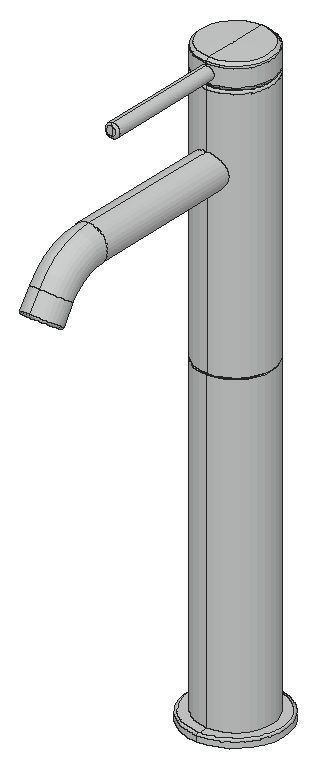
Revit family "Mixer_Basin_Abey_Poco_Hi_FaceBased", category Plumbing Fixtures, host Face, Revit 2019
Family settings
  Host = Face
  Round Connector Dimension = Use Diameter
  Part Type = Normal
  OmniClass Number = 23.31.11.00
  OmniClass Title = Faucets
  Cut with Voids When Loaded = Yes
  Shared = No
  Room Calculation Point = No
Parameters (values of type "6B2")
  Waste Connection = no
  Vent Connection = no
  Uniclass2015Version = "Products v1.28"
  Uniclass2015Title = "Washbasin taps"
  Uniclass2015Code = "Pr_40_20_87_98"
  URL = "https://www.abey.com.au/"
  Type Comments = "Chrome Finish"
  ModifiedIssue = 20230628
  Model = "6B2"
  Material = Metal_Abey_Chrome
  ManufacturerURLProductSpecific = "https://www.abey.com.au/product/bathroom/poco-hi-basin-mixer/"
  ManufacturerSpecCode = Model  # "6B2"
  ManufacturerOverallWidth = 50 mm  # constant formula
  ManufacturerOverallHeight = 317 mm  # constant formula
  ManufacturerOverallDepth = 160 mm  # constant formula
  Manufacturer = "Abey"  # constant formula
  Keynote = ""
  IfcExportType = "FAUCET"
  IfcExportAs = "IfcValve"
  HW Connection = yes
  Description = "Poco - Hi Basin Mixer - Chrome"
  Default Elevation = 0 mm
  CreatedBy = "IGS BIM Solutions"  # constant formula
  CreatedByURL = "https://igsgroup.com.au"
  CW Connection = yes
  Assembly Code = "C1030210"
Reference planes
  plane 1 "Front of Base": y = 36.5
  plane 2 "Bottom": z = 0
  plane 3 "Center (Left/Right)": x = 34.07
  plane 4 "Front": y = -73.5
  plane 5 "Left": x = 9.07
  plane 6 "Right": x = 59.07
  plane 7 "Top": z = 317
  plane 8 "Bottom1": z = -64
  plane 9 "Back": y = 86.5
  plane 10 "Center of Spout": y = 61.5
  plane 11 "Bottom of Knob": z = 304.5
  plane 12 "Center of Outlet": z = 264
Forms (mm)
  Extrusion 1, void
    sketch origin (0, 0, 0) x (1, 0, 0) y (0, 1, 0)
      loop
        circle (34.07, 61.5) r 25
    from 0 to -50
Text (mm)
  text "Disclaimer:\nDue to ongoing product development and manufacturing evolution, product details are subject to change without notice.\nPlease refer to product technical data sheets on the manufacturer's website for the most current product information. Please allow a +/- 5mm manufacturing tolerance for dimensions and set-outs shown in product literature." at (228.866, 127.072, 0), in view "Ref. Level_Instruction"
Dimensions and locks
  "ManufacturerOverallHeight": plane 7 "Top" to plane 2 "Bottom"
  locked: plane 2 "Bottom" to plane 8 "Bottom1" at 64
  "ManufacturerOverallDepth": plane 4 "Front" to plane 9 "Back"
  equal spacing: plane 5 "Left", plane 3 "Center (Left/Right)", plane 6 "Right"
  equal spacing: plane 1 "Front of Base", plane 10 "Center of Spout", plane 9 "Back"
  "ManufacturerOverallWidth": plane 5 "Left" to plane 6 "Right"
  plane 1 "Front of Base" to host face = 50 mm
  locked: plane 7 "Top" to plane 11 "Bottom of Knob" at 12.5
  plane 12 "Center of Outlet" to plane 2 "Bottom" = 264 mm
  aligned and locked: plane 2 "Bottom" to host face
  aligned and locked: level to host face
  aligned and locked: plane 10 "Center of Spout" to Extrusion 1 sketch curve
  aligned and locked: plane 3 "Center (Left/Right)" to Extrusion 1 sketch curve
  aligned and locked: plane 10 "Center of Spout" to nested 1
  aligned and locked: plane 3 "Center (Left/Right)" to nested 1
Automatic sketch dimensions
  host sketch curve to host sketch curve = 50 mm  (x2)
  radius of Extrusion 1 sketch curve = 25 mm
Nested families
  nested 1: "z_PlumFix_Mixer_ABEY_Poco_Hi Basin Mixer" at (-63.951, 152.25, 0), type "6B2"
Connectors
  piping at (24.07, 61.5, -1), diameter 12.7, driven by "HW Connection"
    settings: on nested 1, index 1, connector inside diameter 24", connector length 0 mm, flow factor 0, pipe flow 0.00 L/s, pressure drop 0 kPa, fitting loss kfactor 0, connector angle 0.00°, fixture units 0, engagement length 0 mm, angle of deflection 0.00°, flow configuration 2, flow direction 1, fitting loss method 0, system type 19, joint type 0, gender type 0, connector reference index -1, connector utility 1, adjustable connector no, is connector primary yes, connector description "Hot Water Supply"
  piping at (44.07, 61.5, -1), diameter 12.7, driven by "CW Connection"
    settings: on nested 1, index 2, connector inside diameter 24", connector length 0 mm, flow factor 0, pipe flow 0.00 L/s, pressure drop 0 kPa, fitting loss kfactor 0, connector angle 0.00°, fixture units 0, engagement length 0 mm, angle of deflection 0.00°, flow configuration 2, flow direction 1, fitting loss method 0, system type 20, joint type 0, gender type 0, connector reference index -1, connector utility 1, adjustable connector no, is connector primary no, connector description "Cold Water Supply"
Definition of nested family "z_PlumFix_Mixer_ABEY_Poco_Hi Basin Mixer"
  Parameters (values of type "6B2")
    Waste Connection = no
    WFU = 0
    Vent Connection = no
    URL = ""
    Type Comments = ""
    ModifiedIssue = 0
    Model = ""
    ManufacturerURLProductSpecific = ""
    ManufacturerSpecCode = ""
    ManufacturerOverallWidth = 50 mm  # constant formula
    ManufacturerOverallHeight = 317 mm  # constant formula
    ManufacturerOverallDepth = 160 mm  # constant formula
    Manufacturer = ""
    Keynote = ""
    HWFU = 0
    HW Connection = yes
    Description = ""
    Default Elevation = 0 mm
    CreatedBy = "IGS BIM Solutions"  # constant formula
    CreatedByURL = "https://igsgroup.com.au"
    Cost = 0
    CWFU = 0
    CW Connection = yes
    BodyMaterial = none
    Assembly Code = ""
  Reference planes
    plane 1 "Ref. Level": z = 0
    plane 2 "Center (Left/Right)": x = 98.02
    plane 3 "Back": y = -65.75
    plane 4 "Left": x = 73.02
    plane 5 "Front": y = -225.75
    plane 6 "Right": x = 123.02
    plane 7 "Top": z = 317
    plane 8 "Bottom": z = 0
    plane 9 "Front of Base": y = -115.75
    plane 10 "Center of Spout": y = -90.75
    plane 11 "Center of Outlet": z = 264
    plane 12 "Bottom of Knob": z = 304.5
  Forms (mm)
    Revolve 1, solid, material <- "BodyMaterial"
      sketch origin (98.02, 0, 0) x (0, 1, 0) y (0, 0, 1)
        loop
          line (-90.75, 0) -> (-65.75, 0) -> (-65.75, 3)
          arc (-65.75, 3) -> (-66.043, 3.707) -> (-66.75, 4) r 1
          line (-66.75, 4) -> (-71.75, 4) -> (-71.75, 169) -> (-72.55, 169) -> (-72.55, 169.8) -> (-71.75, 169.8) -> (-71.75, 302.5)
          arc (-71.75, 302.5) -> (-72.043, 303.207) -> (-72.75, 303.5) r 1
          line (-72.75, 303.5) -> (-74, 303.5) -> (-75, 304.5) -> (-90.75, 304.5) -> (-90.75, 169) -> (-90.75, 0)
        axis (-90.75, 304.5) -> (-90.75, 0)
      angle from 0 to 360
    Revolve 2, solid, material <- "BodyMaterial"
      sketch origin (98.02, 0, 0) x (0, 1, 0) y (0, 0, 1)
        loop
          line (-90.75, 304.5) -> (-72.75, 304.5)
          arc (-72.75, 304.5) -> (-72.043, 304.793) -> (-71.75, 305.5) r 1
          line (-71.75, 305.5) -> (-71.75, 314.586)
          arc (-71.75, 314.586) -> (-71.826, 314.968) -> (-72.043, 315.293) r 1
          line (-72.043, 315.293) -> (-73.5, 316.75)
          arc (-73.5, 316.75) -> (-82.124, 316.937) -> (-90.75, 317) r 595.25
          line (-90.75, 317) -> (-90.75, 304.5)
        axis (-90.75, 317) -> (-90.75, 304.5)
      angle from 0 to 360
    Sweep 3, solid, material <- "BodyMaterial"
      path origin (98.02, 107.527, 3950) x (0, 1, 0) y (0, 0, 1)
        loop
          line (-198.685, -3686) -> (-293.822, -3686)
          arc (-293.822, -3686) -> (-307.674, -3689.39) -> (-318.396, -3698.793) r 30
          line (-318.396, -3698.793) -> (-325.277, -3708.62)
      profile origin (98.02, -138.726, 264) x (0, 0, -1) y (1, 0, 0)
        loop
          circle (0, 0) r 9.5
    Sweep 4, void
      path origin (98.02, -217.75, 241.38) x (1, 0, 0) y (0, -0.819152, 0.573576)
        loop
          circle (0, 0) r 9.5
      profile origin (98.02, -209.968, 235.931) x (0, 0.819152, -0.573576) y (0, -0.573576, -0.819152)
        loop
          line (0, 0) -> (-1, 0)
          arc (-1, 0) -> (-0.293, -0.293) -> (0, -1) r 1
          line (0, -1) -> (0, 0)
    Revolve 5, solid, material <- "BodyMaterial"
      sketch origin (98.02, 0, 0) x (0, 1, 0) y (0, 0, 1)
        loop
          line (-90.75, 313.625) -> (-170.75, 313.625)
          arc (-170.75, 313.625) -> (-171.457, 313.332) -> (-171.75, 312.625) r 1
          line (-171.75, 312.625) -> (-171.75, 310.125) -> (-90.75, 310.125) -> (-90.75, 313.625)
        axis (-90.75, 310.125) -> (-171.75, 310.125)
      angle from 0 to 360
    Extrusion 6, solid, material <- "BodyMaterial"
      sketch origin (0, 0, 0) x (-1, 0, 0) y (0, -1, 0)
        loop
          circle (-88.02, 90.75) r 6.35
        loop
          circle (-108.02, 90.75) r 6.35
      from 0 to -1
  Cuts and joins
    Sweep 4 cuts Sweep 3
    joined: Revolve 1, Sweep 3
    joined: Revolve 2, Revolve 5
  Lines and regions (mm)
    Masking region 1
      outline origin (0, 0, 317) x (-1, 0, 0) y (0, -1, 0)
        loop
          spline (-88.52, 217.968) -> (-88.844, 219.982) -> (-89.793, 221.859) -> (-91.303, 223.471) -> (-93.27, 224.707) -> (-95.561, 225.485) -> (-98.02, 225.75) -> (-100.479, 225.485) -> (-102.77, 224.707) -> (-104.738, 223.471) -> (-106.247, 221.859) -> (-107.196, 219.982) -> (-107.52, 217.968)
          line (-107.52, 217.968) -> (-107.52, 113.875)
          arc (-107.52, 113.875) -> (-98.02, 65.75) -> (-88.52, 113.875) r 25
          line (-88.52, 113.875) -> (-88.52, 217.968)
    Masking region 2
      outline origin (123.02, 0, 0) x (0, 1, 0) y (0, 0, 1)
        loop
          line (-90.75, 0) -> (-65.75, 0) -> (-65.75, 3)
          arc (-65.75, 3) -> (-66.043, 3.707) -> (-66.75, 4) r 1
          line (-66.75, 4) -> (-71.75, 4) -> (-71.75, 169) -> (-72.55, 169) -> (-72.55, 169.8) -> (-71.75, 169.8) -> (-71.75, 302.5)
          arc (-71.75, 302.5) -> (-72.043, 303.207) -> (-72.75, 303.5) r 1
          line (-72.75, 303.5) -> (-74, 303.5) -> (-75, 304.5) -> (-72.75, 304.5)
          arc (-72.75, 304.5) -> (-72.043, 304.793) -> (-71.75, 305.5) r 1
          line (-71.75, 305.5) -> (-71.75, 314.586)
          arc (-71.75, 314.586) -> (-71.826, 314.968) -> (-72.043, 315.293) r 1
          line (-72.043, 315.293) -> (-73.5, 316.75)
          arc (-73.5, 316.75) -> (-90.75, 317) -> (-108, 316.75) r 595.25
          line (-108, 316.75) -> (-109.457, 315.293)
          arc (-109.457, 315.293) -> (-109.674, 314.968) -> (-109.75, 314.586) r 1
          line (-109.75, 314.586) -> (-109.75, 313.625) -> (-170.75, 313.625)
          arc (-170.75, 313.625) -> (-171.457, 313.332) -> (-171.75, 312.625) r 1
          line (-171.75, 312.625) -> (-171.75, 307.625)
          arc (-171.75, 307.625) -> (-171.457, 306.918) -> (-170.75, 306.625) r 1
          line (-170.75, 306.625) -> (-109.75, 306.625) -> (-109.75, 305.5)
          arc (-109.75, 305.5) -> (-109.457, 304.793) -> (-108.75, 304.5) r 1
          line (-108.75, 304.5) -> (-106.5, 304.5) -> (-107.5, 303.5) -> (-108.75, 303.5)
          arc (-108.75, 303.5) -> (-109.457, 303.207) -> (-109.75, 302.5) r 1
          line (-109.75, 302.5) -> (-109.75, 273.5) -> (-186.294, 273.5)
          arc (-186.294, 273.5) -> (-204.533, 269.037) -> (-218.651, 256.656) r 39.5
          line (-218.651, 256.656) -> (-224.958, 247.648)
          arc (-224.958, 247.648) -> (-225.124, 246.901) -> (-224.713, 246.255) r 1
          line (-224.713, 246.255) -> (-210.787, 236.505)
          arc (-210.787, 236.505) -> (-210.04, 236.339) -> (-209.394, 236.75) r 1
          line (-209.394, 236.75) -> (-202.938, 245.972)
          arc (-202.938, 245.972) -> (-195.79, 252.24) -> (-186.555, 254.5) r 20
          line (-186.555, 254.5) -> (-109.75, 254.5) -> (-109.75, 169.8) -> (-108.95, 169.8) -> (-108.95, 169) -> (-109.75, 169) -> (-109.75, 4) -> (-114.75, 4)
          arc (-114.75, 4) -> (-115.457, 3.707) -> (-115.75, 3) r 1
          line (-115.75, 3) -> (-115.75, 0) -> (-90.75, 0)
    Masking region 3
      outline origin (0, -225.75, 0) x (-1, 0, 0) y (0, 0, 1)
        loop
          arc (-80.77, 316.75) -> (-98.02, 317) -> (-115.27, 316.75) r 595.25
          line (-115.27, 316.75) -> (-116.727, 315.293)
          arc (-116.727, 315.293) -> (-116.944, 314.968) -> (-117.02, 314.586) r 1
          line (-117.02, 314.586) -> (-117.02, 305.5)
          arc (-117.02, 305.5) -> (-116.727, 304.793) -> (-116.02, 304.5) r 1
          line (-116.02, 304.5) -> (-113.77, 304.5) -> (-114.77, 303.5) -> (-116.02, 303.5)
          arc (-116.02, 303.5) -> (-116.727, 303.207) -> (-117.02, 302.5) r 1
          line (-117.02, 302.5) -> (-117.02, 169.8) -> (-116.22, 169.8) -> (-116.22, 169) -> (-117.02, 169) -> (-117.02, 4) -> (-122.02, 4)
          arc (-122.02, 4) -> (-122.727, 3.707) -> (-123.02, 3) r 1
          line (-123.02, 3) -> (-123.02, 0) -> (-73.02, 0) -> (-73.02, 3)
          arc (-73.02, 3) -> (-73.313, 3.707) -> (-74.02, 4) r 1
          line (-74.02, 4) -> (-79.02, 4) -> (-79.02, 169) -> (-79.82, 169) -> (-79.82, 169.8) -> (-79.02, 169.8) -> (-79.02, 302.5)
          arc (-79.02, 302.5) -> (-79.313, 303.207) -> (-80.02, 303.5) r 1
          line (-80.02, 303.5) -> (-81.27, 303.5) -> (-82.27, 304.5) -> (-80.02, 304.5)
          arc (-80.02, 304.5) -> (-79.313, 304.793) -> (-79.02, 305.5) r 1
          line (-79.02, 305.5) -> (-79.02, 314.586)
          arc (-79.02, 314.586) -> (-79.096, 314.968) -> (-79.313, 315.293) r 1
          line (-79.313, 315.293) -> (-80.77, 316.75)
    symbolic lines, detail levels fine
      curve 1: circle (98.02, -90.75, 317) r 17.25 normal (0, 0, 1)
      curve 11: line (123.02, -107.5, 303.5) -> (123.02, -74, 303.5)
      curve 15: line (123.02, -108, 316.75) -> (123.02, -73.5, 316.75)
      curve 17: line (123.02, -108.95, 169) -> (123.02, -72.55, 169)
      curve 19: line (81.27, -225.75, 303.5) -> (114.77, -225.75, 303.5)
      curve 21: line (79.82, -225.75, 169) -> (116.22, -225.75, 169)
      curve 23: circle (98.02, -225.75, 310.125) r 3.5 normal (0, -1, 0)
      curve 30: spline (98.008, -225.75, 246.32) -> (99.117, -225.75, 246.279) -> (100.207, -225.75, 246.155) -> (101.259, -225.75, 245.952) -> (102.255, -225.75, 245.671) -> (103.179, -225.75, 245.319) -> (104.014, -225.75, 244.901) -> (104.747, -225.75, 244.425) -> (105.364, -225.75, 243.898) -> (105.856, -225.75, 243.33) -> (106.213, -225.75, 242.73) -> (106.43, -225.75, 242.108) -> (106.502, -225.75, 241.476)
      curve 31: spline (106.502, -225.75, 241.476) -> (106.43, -225.75, 240.835) -> (106.213, -225.75, 240.206) -> (105.856, -225.75, 239.598) -> (105.364, -225.75, 239.023) -> (104.747, -225.75, 238.489) -> (104.014, -225.75, 238.006) -> (103.179, -225.75, 237.583) -> (102.255, -225.75, 237.227) -> (101.259, -225.75, 236.943) -> (100.207, -225.75, 236.736) -> (99.117, -225.75, 236.611) -> (98.008, -225.75, 236.569)
      curve 32: spline (98.008, -225.75, 236.569) -> (96.896, -225.75, 236.611) -> (95.803, -225.75, 236.734) -> (94.748, -225.75, 236.938) -> (93.749, -225.75, 237.218) -> (92.823, -225.75, 237.57) -> (91.985, -225.75, 237.988) -> (91.25, -225.75, 238.465) -> (90.631, -225.75, 238.991) -> (90.138, -225.75, 239.56) -> (89.78, -225.75, 240.16) -> (89.563, -225.75, 240.781) -> (89.49, -225.75, 241.414)
      curve 33: spline (89.49, -225.75, 241.414) -> (89.563, -225.75, 242.054) -> (89.78, -225.75, 242.684) -> (90.138, -225.75, 243.291) -> (90.631, -225.75, 243.867) -> (91.25, -225.75, 244.401) -> (91.985, -225.75, 244.883) -> (92.823, -225.75, 245.306) -> (93.749, -225.75, 245.663) -> (94.748, -225.75, 245.947) -> (95.803, -225.75, 246.153) -> (96.896, -225.75, 246.278) -> (98.008, -225.75, 246.32)
      curve 34: line (80.77, -225.75, 316.75) -> (115.27, -225.75, 316.75)
    symbolic lines, detail levels medium+fine
      curve 2: circle (98.02, -90.75, 317) r 19 normal (0, 0, 1)
      curve 3: line (88.52, -113.875, 317) -> (88.52, -107.204, 317)
      curve 4: line (107.52, -113.875, 317) -> (107.52, -107.204, 317)
      curve 5: line (101.52, -109.425, 317) -> (101.52, -175.75, 317)
      curve 6: line (94.52, -109.425, 317) -> (94.52, -175.75, 317)
      curve 7: line (95.52, -176.75, 317) -> (100.52, -176.75, 317)
      curve 8: arc (95.52, -176.75, 317) -> (94.813, -176.457, 317) -> (94.52, -175.75, 317) r 1
      curve 9: arc (100.52, -176.75, 317) -> (101.227, -176.457, 317) -> (101.52, -175.75, 317) r 1
      curve 10: line (123.02, -106.5, 304.5) -> (123.02, -75, 304.5)
      curve 12: line (123.02, -109.75, 4) -> (123.02, -71.75, 4)
      curve 13: arc (123.02, -109.75, 273.5) -> (123.02, -107.195, 264) -> (123.02, -109.75, 254.5) r 18.942
      curve 14: arc (123.02, -109.75, 313.625) -> (123.02, -109.421, 310.125) -> (123.02, -109.75, 306.625) r 18.785
      curve 16: line (123.02, -108.95, 169.8) -> (123.02, -72.55, 169.8)
      curve 18: line (82.27, -225.75, 304.5) -> (113.77, -225.75, 304.5)
      curve 20: line (79.82, -225.75, 169.8) -> (116.22, -225.75, 169.8)
      curve 22: line (79.02, -225.75, 4) -> (117.02, -225.75, 4)
      curve 24: arc (88.52, -225.75, 264) -> (98.02, -225.75, 273.5) -> (107.52, -225.75, 264) r 9.5
      curve 25: line (88.52, -225.75, 264) -> (88.52, -225.75, 241.964)
      curve 26: line (107.52, -225.75, 264) -> (107.52, -225.75, 241.964)
      curve 27: arc (90.461, -225.75, 238.497) -> (97.961, -225.75, 236.237) -> (105.461, -225.75, 238.497) r 13.576
      curve 28: arc (105.461, -225.75, 238.497) -> (106.887, -225.75, 239.995) -> (107.52, -225.75, 241.964) r 4.638
      curve 29: arc (90.579, -225.75, 238.497) -> (89.153, -225.75, 239.995) -> (88.52, -225.75, 241.964) r 4.638
  Dimensions and locks
    "ManufacturerOverallDepth": plane 5 "Front" to plane 3 "Back"
    equal spacing: plane 4 "Left", plane 2 "Center (Left/Right)", plane 6 "Right"
    "ManufacturerOverallWidth": plane 4 "Left" to plane 6 "Right"
    "ManufacturerOverallHeight": plane 7 "Top" to plane 8 "Bottom"
    plane 8 "Bottom" to plane 1 "Ref. Level" = 0 mm
    plane 9 "Front of Base" to plane 3 "Back" = 50 mm
    equal spacing: plane 9 "Front of Base", plane 10 "Center of Spout", plane 3 "Back", locked at 25 each
    locked: plane 11 "Center of Outlet" to plane 8 "Bottom" at 264
    locked: plane 7 "Top" to plane 12 "Bottom of Knob" at 12.5
    aligned and locked: plane 10 "Center of Spout" to Revolve 1 sketch curve
    aligned and locked: Revolve 1 sketch curve to Revolve 1 sketch curve
    aligned and locked: plane 7 "Top" to Revolve 2 sketch curve
    aligned and locked: Revolve 2 sketch curve to Revolve 2 sketch curve  (x2)
    aligned and locked: plane 2 "Center (Left/Right)" to Sweep 3 sketch curve
    aligned and locked: plane 11 "Center of Outlet" to Sweep 3 sketch curve
    aligned and locked: Revolve 1 sketch curve to plane 8 "Bottom"
    aligned and locked: plane 12 "Bottom of Knob" to Revolve 1 sketch curve
    aligned and locked: Revolve 5 sketch curve to plane 10 "Center of Spout"
    aligned and locked: Revolve 5 sketch curve to Revolve 5 sketch curve  (x2)
  Automatic sketch dimensions
    Revolve 1 sketch curve to plane 3 "Back" = 0 mm
    Revolve 1 sketch curve to plane 8 "Bottom" = 0 mm
    plane 3 "Back" to Revolve 1 sketch curve = 9.25 mm
    Revolve 1 sketch curve to Revolve 1 sketch curve = 1 mm  (x3)
    Revolve 1 sketch curve to Revolve 1 sketch curve = 1.25 mm
    plane 3 "Back" to Revolve 1 sketch curve = 6.8 mm
    plane 3 "Back" to Revolve 1 sketch curve = 6 mm
    plane 3 "Back" to Revolve 1 sketch curve = 1 mm
    plane 8 "Bottom" to Revolve 1 sketch curve = 3 mm
    Revolve 1 sketch curve to Revolve 1 sketch curve = 0 mm  (x2)
    Revolve 1 sketch curve to Revolve 1 sketch curve = 0.8 mm
    Revolve 2 sketch curve to plane 10 "Center of Spout" = 0 mm
    Revolve 2 sketch curve to plane 7 "Top" = 0 mm
    Revolve 2 sketch curve to plane 7 "Top" = 0.25 mm
    plane 3 "Back" to Revolve 2 sketch curve = 7.75 mm
    Revolve 2 sketch curve to Revolve 2 sketch curve = 0.75 mm
    plane 3 "Back" to Revolve 2 sketch curve = 7 mm
    Revolve 2 sketch curve to plane 7 "Top" = 1.707 mm
    Revolve 2 sketch curve to Revolve 2 sketch curve = 0.707 mm
    Revolve 2 sketch curve to Revolve 2 sketch curve = 0.293 mm
    Revolve 2 sketch curve to Revolve 2 sketch curve = 12.5 mm
    Sweep 3 sketch curve to profile plane = 0 mm
    Masking region 1 sketch curve to plane 2 "Center (Left/Right)" = 0 mm  (x2)
    plane 10 "Center of Spout" to Masking region 1 sketch curve = 0 mm
    Masking region 1 sketch curve to plane 9 "Front of Base" = 1.875 mm
    Masking region 1 sketch curve to plane 5 "Front" = 7.782 mm
    Masking region 1 sketch curve to Masking region 1 sketch curve = 9.5 mm
    Revolve 1 sketch curve to plane 11 "Center of Outlet" = 95 mm
    Revolve 5 sketch curve to plane 7 "Top" = 3.375 mm
    Revolve 5 sketch curve to plane 5 "Front" = 55 mm
    Revolve 5 sketch curve to Revolve 5 sketch curve = 1 mm
    Revolve 5 sketch curve to Revolve 5 sketch curve = 3.5 mm
    Revolve 5 sketch curve to Revolve 5 sketch curve = 5 mm
    curve 1 to curve 2 = 0 mm  (x2)
    curve 2 to plane 2 "Center (Left/Right)" = 0 mm
    plane 10 "Center of Spout" to curve 2 = 0 mm
    plane 2 "Center (Left/Right)" to curve 9 = 2.5 mm
    curve 5 to curve 9 = 1 mm
    curve 8 to plane 2 "Center (Left/Right)" = 2.5 mm
    curve 8 to curve 6 = 1 mm
    curve 5 to plane 5 "Front" = 50 mm
    curve 4 to plane 9 "Front of Base" = 1.875 mm
    curve 4 to curve 5 = 6 mm
    curve 3 to plane 9 "Front of Base" = 1.875 mm
    curve 6 to curve 3 = 6 mm
    curve 6 to plane 9 "Front of Base" = 6.325 mm
    curve 13 to plane 11 "Center of Outlet" = 0 mm
    curve 10 to plane 12 "Bottom of Knob" = 0 mm
    plane 12 "Bottom of Knob" to curve 14 = 5.625 mm
    plane 9 "Front of Base" to curve 14 = 12.456 mm
    plane 9 "Front of Base" to curve 13 = 10.387 mm
    curve 13 to plane 9 "Front of Base" = 6 mm  (x2)
    curve 14 to plane 9 "Front of Base" = 6 mm
    curve 12 to plane 9 "Front of Base" = 6 mm
    plane 12 "Bottom of Knob" to curve 14 = 2.125 mm
    curve 14 to curve 14 = 0 mm
    curve 16 to plane 9 "Front of Base" = 6.8 mm
    curve 17 to curve 16 = 0 mm  (x2)
    curve 15 to plane 7 "Top" = 0.25 mm
    curve 14 to curve 15 = 1.75 mm
    curve 11 to plane 12 "Bottom of Knob" = 1 mm
    curve 14 to curve 11 = 2.25 mm
    curve 11 to curve 10 = 1 mm
    plane 3 "Back" to curve 10 = 9.25 mm
    curve 10 to curve 11 = 1 mm
    plane 3 "Back" to curve 15 = 7.75 mm
    plane 3 "Back" to curve 16 = 6.8 mm
    plane 3 "Back" to curve 12 = 6 mm
    curve 13 to plane 11 "Center of Outlet" = 9.5 mm
    curve 16 to curve 13 = 84.7 mm
    curve 17 to curve 16 = 0.8 mm
    plane 8 "Bottom" to curve 12 = 4 mm
    plane 10 "Center of Spout" to Extrusion 6 sketch curve = 0 mm  (x2)
    plane 2 "Center (Left/Right)" to Extrusion 6 sketch curve = 10 mm
    Extrusion 6 sketch curve to plane 2 "Center (Left/Right)" = 10 mm
    Masking region 3 sketch curve to plane 6 "Right" = 0 mm
    Masking region 3 sketch curve to plane 12 "Bottom of Knob" = 0 mm  (x2)
    Masking region 3 sketch curve to plane 2 "Center (Left/Right)" = 0 mm
    Masking region 3 sketch curve to plane 4 "Left" = 0 mm
    Masking region 3 sketch curve to plane 8 "Bottom" = 0 mm
    Masking region 3 sketch curve to plane 6 "Right" = 1 mm
    Masking region 3 sketch curve to Masking region 3 sketch curve = 5 mm
    Masking region 3 sketch curve to Masking region 3 sketch curve = 0 mm  (x4)
    plane 12 "Bottom of Knob" to Masking region 3 sketch curve = 1 mm
    Masking region 3 sketch curve to plane 7 "Top" = 1.707 mm  (x2)
    Masking region 3 sketch curve to Masking region 3 sketch curve = 0.293 mm  (x2)
    Masking region 3 sketch curve to Masking region 3 sketch curve = 0.8 mm  (x3)
    Masking region 3 sketch curve to Masking region 3 sketch curve = 1 mm  (x4)
    Masking region 3 sketch curve to plane 7 "Top" = 0.25 mm  (x2)
    Masking region 3 sketch curve to Masking region 3 sketch curve = 1.457 mm
    Masking region 3 sketch curve to plane 12 "Bottom of Knob" = 1 mm
    Masking region 3 sketch curve to Masking region 3 sketch curve = 1.25 mm  (x3)
    plane 4 "Left" to Masking region 3 sketch curve = 9.25 mm
    Masking region 3 sketch curve to Masking region 3 sketch curve = 0.75 mm
    plane 4 "Left" to Masking region 3 sketch curve = 6.8 mm
    Masking region 3 sketch curve to Masking region 3 sketch curve = 0.707 mm
    plane 4 "Left" to Masking region 3 sketch curve = 6 mm
    plane 4 "Left" to Masking region 3 sketch curve = 1 mm
    Masking region 3 sketch curve to plane 8 "Bottom" = 278.25 mm
    plane 8 "Bottom" to Masking region 3 sketch curve = 3 mm
    Masking region 3 sketch curve to Masking region 3 sketch curve = 3 mm
    Masking region 3 sketch curve to plane 11 "Center of Outlet" = 95 mm
    Masking region 3 sketch curve to Masking region 3 sketch curve = 2 mm
    Sweep 4 sketch curve to profile plane = 0 mm  (x2)
    Sweep 4 sketch curve to Sweep 4 sketch curve = 0 mm
    profile plane to Sweep 4 sketch curve = 0 mm
    Sweep 4 sketch curve to Sweep 4 sketch curve = 1 mm
    Sweep 3 sketch curve to plane 5 "Front" = 14.881 mm
    Sweep 3 sketch curve to plane 11 "Center of Outlet" = 12.793 mm
    plane 10 "Center of Spout" to Sweep 3 sketch curve = 0.408 mm
    Sweep 3 sketch curve to Sweep 3 sketch curve = 9.827 mm
    Sweep 3 sketch curve to plane 11 "Center of Outlet" = 30 mm
    Sweep 3 sketch curve to plane 5 "Front" = 8 mm
    Masking region 2 sketch curve to plane 8 "Bottom" = 0 mm
    Masking region 2 sketch curve to plane 9 "Front of Base" = 0 mm
    Masking region 2 sketch curve to plane 12 "Bottom of Knob" = 0 mm  (x2)
    Masking region 2 sketch curve to plane 10 "Center of Spout" = 0 mm  (x2)
    Masking region 2 sketch curve to plane 3 "Back" = 0 mm
    Masking region 2 sketch curve to plane 7 "Top" = 3.375 mm
    Masking region 2 sketch curve to plane 5 "Front" = 55 mm
    plane 12 "Bottom of Knob" to Masking region 2 sketch curve = 2.125 mm
    Masking region 2 sketch curve to Masking region 2 sketch curve = 0 mm  (x6)
    Masking region 2 sketch curve to Masking region 2 sketch curve = 1 mm  (x6)
    Masking region 2 sketch curve to plane 5 "Front" = 39.456 mm
    Masking region 2 sketch curve to plane 11 "Center of Outlet" = 9.5 mm
    Masking region 2 sketch curve to Masking region 2 sketch curve = 0.26 mm
    Masking region 2 sketch curve to plane 11 "Center of Outlet" = 18.028 mm
    Masking region 2 sketch curve to Masking region 2 sketch curve = 16.383 mm
    Masking region 2 sketch curve to Masking region 2 sketch curve = 6.457 mm
    Masking region 2 sketch curve to Masking region 2 sketch curve = 0.574 mm  (x2)
    Masking region 2 sketch curve to plane 5 "Front" = 7.099 mm
    Masking region 2 sketch curve to plane 5 "Front" = 1.611 mm
    Masking region 2 sketch curve to plane 5 "Front" = 0.792 mm
    Masking region 2 sketch curve to plane 9 "Front of Base" = 6 mm  (x4)
    Masking region 2 sketch curve to plane 7 "Top" = 1.707 mm  (x2)
    Masking region 2 sketch curve to Masking region 2 sketch curve = 0.293 mm  (x2)
    Masking region 2 sketch curve to Masking region 2 sketch curve = 0.8 mm  (x4)
    Masking region 2 sketch curve to Masking region 2 sketch curve = 0.707 mm
    Masking region 2 sketch curve to plane 7 "Top" = 0.25 mm  (x2)
    Masking region 2 sketch curve to Masking region 2 sketch curve = 1.457 mm
    Masking region 2 sketch curve to Masking region 2 sketch curve = 1.25 mm  (x2)
    plane 3 "Back" to Masking region 2 sketch curve = 9.25 mm
    Masking region 2 sketch curve to plane 12 "Bottom of Knob" = 1 mm
    plane 12 "Bottom of Knob" to Masking region 2 sketch curve = 1 mm
    plane 3 "Back" to Masking region 2 sketch curve = 6.8 mm
    plane 3 "Back" to Masking region 2 sketch curve = 1 mm
    Masking region 2 sketch curve to Masking region 2 sketch curve = 278.25 mm
    plane 8 "Bottom" to Masking region 2 sketch curve = 3 mm  (x2)
    Masking region 2 sketch curve to Masking region 2 sketch curve = 85.5 mm
    Masking region 2 sketch curve to Masking region 2 sketch curve = 0.5 mm
    Masking region 2 sketch curve to Masking region 2 sketch curve = 9.467 mm
    Masking region 2 sketch curve to Masking region 2 sketch curve = 0.246 mm
    Masking region 2 sketch curve to Masking region 2 sketch curve = 0.819 mm  (x2)
    Masking region 2 sketch curve to Masking region 2 sketch curve = 9.751 mm
    Masking region 2 sketch curve to plane 11 "Center of Outlet" = 7.344 mm
    Masking region 2 sketch curve to Masking region 2 sketch curve = 2 mm
    curve 18 to plane 12 "Bottom of Knob" = 0 mm
    curve 26 to plane 11 "Center of Outlet" = 0 mm
    curve 24 to plane 2 "Center (Left/Right)" = 0 mm
    curve 23 to plane 2 "Center (Left/Right)" = 0 mm
    curve 28 to plane 2 "Center (Left/Right)" = 4.879 mm
    curve 26 to curve 28 = 4.621 mm
    plane 2 "Center (Left/Right)" to curve 27 = 0.059 mm
    curve 29 to curve 29 = 4.621 mm
    plane 11 "Center of Outlet" to curve 27 = 14.187 mm
    curve 28 to curve 27 = 7.45 mm
    curve 29 to curve 27 = 7.45 mm
    curve 26 to curve 28 = 0.399 mm
    curve 25 to curve 29 = 0.399 mm
    curve 23 to plane 12 "Bottom of Knob" = 5.625 mm
    curve 27 to curve 28 = 0 mm
    curve 28 to curve 30 = 1.018 mm
    curve 32 to curve 31 = 0.024 mm
    plane 6 "Right" to curve 18 = 9.25 mm
    curve 19 to curve 18 = 1 mm
    plane 7 "Top" to curve 34 = 0.25 mm
    plane 6 "Right" to curve 34 = 7.75 mm
    plane 6 "Right" to curve 20 = 6.8 mm
    curve 20 to curve 21 = 0 mm  (x2)
    plane 2 "Center (Left/Right)" to curve 32 = 0.012 mm
    plane 2 "Center (Left/Right)" to curve 33 = 0.012 mm
    curve 29 to curve 33 = 1.089 mm
    curve 29 to curve 27 = 0.118 mm
    curve 18 to plane 4 "Left" = 9.25 mm
    curve 18 to curve 19 = 1 mm
    curve 34 to plane 4 "Left" = 7.75 mm
    curve 20 to plane 4 "Left" = 6.8 mm
    curve 30 to curve 27 = 3.493 mm
    curve 32 to curve 30 = 0.062 mm
    curve 20 to curve 31 = 66.769 mm
    curve 21 to curve 20 = 0.8 mm
    curve 22 to plane 8 "Bottom" = 4 mm
    plane 12 "Bottom of Knob" to curve 19 = 1 mm
    plane 6 "Right" to curve 22 = 6 mm
    curve 22 to plane 4 "Left" = 6 mm
    curve 21 to curve 27 = 69.497 mm
    curve 32 to curve 25 = 0.551 mm
    radius of Sweep 3 sketch curve = 9.5 mm
    radius of curve 1 = 17.25 mm
    radius of Extrusion 6 sketch curve = 6.35 mm  (x2)
    radius of curve 23 = 3.5 mm
